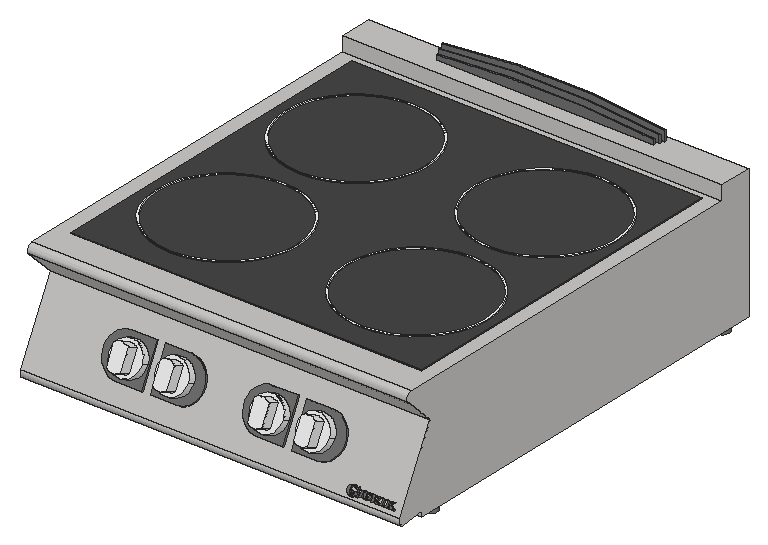
Revit family "QF_GIORIK_CV940T", category Specialty Equipment, Revit 2014
Parameters (values of type "CV940T")
  Weight in Pounds = 165.3465
  Watts = 12000 W
  Volts = 400 V
  URL Cutsheet = "www.giorik.com"
  URL = "www.giorik.com"
  Status [instance] = ""
  Specification by User [instance] = ""
  Specification by Manufacturer = ""
  Show Logo [instance] = yes
  Show Clearance [instance] = yes
  Serial Number = ""
  Seismic Rating = ""
  SMACNA No = ""
  Revision Code [instance] = ""
  Phase = 3
  Number of Poles [instance] = 3
  NAFEM Spec ID Number = ""
  Model = "CV940T"
  Min Ckt Ampacity = 0 A
  Max Overcurrent Protection = 0 A
  Masterspec = ""
  Manufacturer = "GIORIK"
  Item Number [instance] = ""
  Installed By [instance] = ""
  Identify Quantity as Lot [instance] = no
  HP = "16.092240000000"
  Furnished By [instance] = ""
  Foodservice Equipment Identifier [instance] = yes
  FL Amps = 0 A
  Electrical Remarks [instance] = ""
  Electric Connection Type [instance] = ""
  Elec Conn RI Height [instance] = 0 mm
  Elec Conn Connection Height [instance] = 20 mm
  Description = "CERAMIC GLASS HOB - COUNTERTOP VERSION"
  Cycle = 50 Hz
  Conn Plug = ""
  CSI MasterFormat = ""
  Assembly Code = "E1090320"
  Apparent Power = 12000 VA
Reference planes
  plane 1 "Back": y = 0
  plane 2: z = 0
  plane 3 "Left": x = 0
  plane 4 "Right": x = 800
  plane 5 "Front": y = -920
  plane 6 "Top": z = 300
Forms (mm)
  Extrusion 1, solid, visible <- "Show Logo"
    sketch origin (591.604, -936.624, 9.486) x (-1, 0, 0) y (0, 0.452718, 0.891654)
      loop
        line (-118.824, 58.358) -> (-127.804, 58.358) -> (-125.523, 56.445) -> (-125.523, 48.027) -> (-127.804, 46.113) -> (-118.824, 46.113) -> (-121.105, 48.027) -> (-121.105, 56.445) -> (-118.824, 58.358)
      loop
        line (-163.721, 58.358) -> (-172.7, 58.358) -> (-170.42, 56.445) -> (-170.42, 48.027) -> (-172.7, 46.113) -> (-163.721, 46.113) -> (-166.001, 48.027) -> (-166.001, 56.445) -> (-163.721, 58.358)
      loop
        line (-174.332, 58.358) -> (-183.312, 58.358) -> (-181.031, 56.445) -> (-181.031, 52.435) -> (-186.419, 56.955) -> (-184.416, 58.358) -> (-191.268, 58.358) -> (-188.01, 56.839) -> (-185.455, 54.283) -> (-190.846, 47.858) -> (-193.396, 46.93) -> (-193.396, 46.113) -> (-184.416, 46.113) -> (-185.437, 47.571) -> (-182.443, 51.552) -> (-181.031, 50.894) -> (-181.031, 48.027) -> (-183.312, 46.113) -> (-174.332, 46.113) -> (-176.613, 48.027) -> (-176.613, 56.445) -> (-174.332, 58.358)
      loop
        line (-115.429, 62.063) -> (-115.429, 54.198)
        arc (-115.429, 54.198) -> (-111.618, 57.803) -> (-106.847, 59.986) r 16.039
        arc (-106.847, 59.986) -> (-103.314, 59.837) -> (-100.512, 57.68) r 5.851
        arc (-100.512, 57.68) -> (-98.815, 52.267) -> (-100.512, 46.853) r 9.479
        arc (-100.512, 46.853) -> (-102.406, 44.986) -> (-104.846, 43.93) r 7.236
        arc (-104.846, 43.93) -> (-107.728, 44.111) -> (-110.052, 45.825) r 5.11
        line (-110.052, 45.825) -> (-110.052, 52.001) -> (-116.141, 52.001) -> (-116.141, 45.503) -> (-117.893, 43.751) -> (-114.094, 44.769)
        arc (-114.094, 44.769) -> (-112.56, 44.947) -> (-111.129, 44.366) r 3.115
        arc (-111.129, 44.366) -> (-104.216, 42.091) -> (-97.303, 44.366) r 11.641
        arc (-97.303, 44.366) -> (-93.396, 52.107) -> (-97.303, 59.849) r 9.622
        arc (-97.303, 59.849) -> (-104.369, 62.174) -> (-111.435, 59.849) r 11.898
        line (-111.435, 59.849) -> (-115.429, 62.063)
      loop
        arc (-129.234, 56.068) -> (-135.893, 58.628) -> (-142.552, 56.068) r 9.941
        arc (-142.552, 56.068) -> (-144.234, 52.286) -> (-142.552, 48.505) r 5.093
        arc (-142.552, 48.505) -> (-135.893, 45.945) -> (-129.234, 48.505) r 9.941
        arc (-129.234, 48.505) -> (-127.552, 52.286) -> (-129.234, 56.068) r 5.093
      loop
        arc (-132.628, 54.403) -> (-135.893, 57.668) -> (-139.158, 54.403) r 3.265
        line (-139.158, 54.403) -> (-139.158, 50.169)
        arc (-139.158, 50.169) -> (-135.893, 46.904) -> (-132.628, 50.169) r 3.265
        line (-132.628, 50.169) -> (-132.628, 54.403)
      loop
        arc (-156.363, 58.365) -> (-159.647, 55.081) -> (-156.363, 51.796) r 3.285
        line (-156.363, 51.796) -> (-159.529, 47.306) -> (-162.087, 46.113) -> (-155.847, 46.113) -> (-153.529, 51.083) -> (-150.637, 51.083) -> (-150.637, 47.784) -> (-153.022, 46.113) -> (-144.011, 46.113) -> (-146.094, 47.68) -> (-146.094, 56.493) -> (-144.229, 58.365) -> (-156.363, 58.365)
      loop
        line (-150.637, 57.512) -> (-153.637, 57.512)
        arc (-153.637, 57.512) -> (-156.237, 54.912) -> (-153.637, 52.312) r 2.6
        line (-153.637, 52.312) -> (-150.637, 52.312) -> (-150.637, 57.512)
      loop
        line (-108.924, 52.001) -> (-104.936, 49.005) -> (-100.948, 52.001) -> (-108.924, 52.001)
    from 1.5 to -0.5
  Extrusion 2, solid
    sketch origin (-4, 0.138, 5) x (1, 0, 0) y (0, 1, 0)
      loop
        circle (54, -385) r 12.5
    from 0 to 15
  Extrusion 3, solid
    sketch origin (0, 800.138, -620) x (0, 1, 0) y (0, 0, 1)
      loop
        line (-800.138, 919.988) -> (-870.138, 919.988) -> (-870.138, 889.988) -> (-1688.806, 889.988)
        arc (-1688.806, 889.988) -> (-1699.151, 883.075) -> (-1696.724, 870.873) r 11.197
        line (-1696.724, 870.873) -> (-1640.876, 815.025) -> (-1718.948, 661.258)
        arc (-1718.948, 661.258) -> (-1718.233, 650.105) -> (-1708.118, 645.354) r 10.981
        line (-1708.118, 645.354) -> (-1660, 649.925) -> (-1660, 640) -> (-800.138, 640) -> (-800.138, 919.988)
    from 0 to 800
  Extrusion 4, solid
    sketch origin (-220.755, -1163.208, -547.637) x (1, 0, 0) y (0, 0.452718, 0.891654)
      loop
        line (463.221, 676.25) -> (463.221, 766.25) -> (409.698, 766.25)
        arc (409.698, 766.25) -> (364.698, 721.25) -> (409.698, 676.25) r 45
        line (409.698, 676.25) -> (463.221, 676.25)
    from 48 to 50
  Extrusion 5, solid
    sketch origin (553.797, -1208.559, -525.041) x (-1, 0, 0) y (0, -0.45351, -0.891251)
      loop
        circle (351.331, -721.346) r 35
    from 0 to 15
  Extrusion 6, solid
    sketch origin (553.797, -1208.559, -525.041) x (-1, 0, 0) y (0, -0.45351, -0.891251)
      loop
        arc (336.331, -743.846) -> (351.331, -748.846) -> (366.331, -743.846) r 25
        line (366.331, -743.846) -> (366.331, -698.846)
        arc (366.331, -698.846) -> (351.331, -693.846) -> (336.331, -698.846) r 25
        line (336.331, -698.846) -> (336.331, -743.846)
    from 15 to 40
  Extrusion 7, solid
    sketch origin (723.221, -1163.208, -547.637) x (-1, 0, 0) y (0, -0.452718, -0.891654)
      loop
        line (463.221, -676.25) -> (409.698, -676.25)
        arc (409.698, -676.25) -> (364.698, -721.25) -> (409.698, -766.25) r 45
        line (409.698, -766.25) -> (463.221, -766.25) -> (463.221, -676.25)
    from 48 to 50
  Extrusion 8, solid
    sketch origin (-51.331, -1208.559, -525.041) x (1, 0, 0) y (0, 0.45351, 0.891251)
      loop
        circle (351.331, 721.346) r 35
    from 0 to 15
  Extrusion 9, solid
    sketch origin (-51.331, -1208.559, -525.041) x (1, 0, 0) y (0, 0.45351, 0.891251)
      loop
        line (336.331, 743.846) -> (336.331, 698.846)
        arc (336.331, 698.846) -> (351.331, 693.846) -> (366.331, 698.846) r 25
        line (366.331, 698.846) -> (366.331, 743.846)
        arc (366.331, 743.846) -> (351.331, 748.846) -> (336.331, 743.846) r 25
    from 15 to 40
  Extrusion 10, solid
    sketch origin (76.779, -1163.208, -547.637) x (1, 0, 0) y (0, 0.452718, 0.891654)
      loop
        line (463.221, 676.25) -> (463.221, 766.25) -> (409.698, 766.25)
        arc (409.698, 766.25) -> (364.698, 721.25) -> (409.698, 676.25) r 45
        line (409.698, 676.25) -> (463.221, 676.25)
    from 48 to 50
  Extrusion 11, solid
    sketch origin (851.331, -1208.559, -525.041) x (-1, 0, 0) y (0, -0.45351, -0.891251)
      loop
        circle (351.331, -721.346) r 35
    from 0 to 15
  Extrusion 12, solid
    sketch origin (851.331, -1208.559, -525.041) x (-1, 0, 0) y (0, -0.45351, -0.891251)
      loop
        arc (336.331, -743.846) -> (351.331, -748.846) -> (366.331, -743.846) r 25
        line (366.331, -743.846) -> (366.331, -698.846)
        arc (366.331, -698.846) -> (351.331, -693.846) -> (336.331, -698.846) r 25
        line (336.331, -698.846) -> (336.331, -743.846)
    from 15 to 40
  Extrusion 13, solid
    sketch origin (1020.755, -1163.208, -547.637) x (-1, 0, 0) y (0, -0.452718, -0.891654)
      loop
        line (463.221, -676.25) -> (409.698, -676.25)
        arc (409.698, -676.25) -> (364.698, -721.25) -> (409.698, -766.25) r 45
        line (409.698, -766.25) -> (463.221, -766.25) -> (463.221, -676.25)
    from 48 to 50
  Extrusion 14, solid
    sketch origin (246.203, -1208.559, -525.041) x (1, 0, 0) y (0, 0.45351, 0.891251)
      loop
        circle (351.331, 721.346) r 35
    from 0 to 15
  Extrusion 15, solid
    sketch origin (246.203, -1208.559, -525.041) x (1, 0, 0) y (0, 0.45351, 0.891251)
      loop
        line (336.331, 743.846) -> (336.331, 698.846)
        arc (336.331, 698.846) -> (351.331, 693.846) -> (366.331, 698.846) r 25
        line (366.331, 698.846) -> (366.331, 743.846)
        arc (366.331, 743.846) -> (351.331, 748.846) -> (336.331, 743.846) r 25
    from 15 to 40
  Extrusion 16, solid
    sketch origin (36.031, 0.038, -610.002) x (1, 0, 0) y (0, 0, 1)
      loop
        line (135, 909.989) -> (592.969, 909.989) -> (592.969, 919.989) -> (440.969, 929.989) -> (287, 929.989) -> (135, 919.989) -> (135, 909.989)
    from 32 to 35
  Extrusion 17, solid
    sketch origin (38, 10.038, -610.002) x (1, 0, 0) y (0, 0, 1)
      loop
        line (594, 909.989) -> (594, 924.989) -> (440, 937.489) -> (284, 937.489) -> (130, 925.001) -> (130, 909.989) -> (594, 909.989)
    from 32 to 35
  Extrusion 18, solid
    sketch origin (40, 20.038, -610.002) x (1, 0, 0) y (0, 0, 1)
      loop
        line (595, 909.989) -> (595, 930.001) -> (439, 945.258) -> (281, 945.258) -> (125, 929.989) -> (125, 909.989) -> (595, 909.989)
    from 32 to 35
  Extrusion 19, solid
    sketch origin (0.216, -199.623, 221) x (0, 1, 0) y (-1, 0, 0)
      loop
        line (-625, -30) -> (-625, -769.568) -> (115, -769.568) -> (115, -30) -> (-625, -30)
    from 48 to 50
  Extrusion 20, solid
    sketch origin (0.216, -199.623, 221) x (0, 1, 0) y (-1, 0, 0)
      loop
        line (-625, -30) -> (-625, -769.568) -> (115, -769.568) -> (115, -30) -> (-625, -30)
    from 48 to 50
  Extrusion 21, solid
    sketch origin (10.216, -516.123, 248.488) x (0, -1, 0) y (1, 0, 0)
      loop
        circle (-231.5, 189.999) r 150
      loop
        circle (-231.5, 189.999) r 146.5
    from 23 to 20.512
  Extrusion 22, solid
    sketch origin (10.216, -856.123, 248.488) x (0, -1, 0) y (1, 0, 0)
      loop
        circle (-231.5, 189.999) r 150
      loop
        circle (-231.5, 189.999) r 146.5
    from 23 to 20.512
  Extrusion 23, solid
    sketch origin (409.816, -516.123, 248.488) x (0, -1, 0) y (1, 0, 0)
      loop
        circle (-231.5, 189.999) r 150
      loop
        circle (-231.5, 189.999) r 146.5
    from 23 to 20.512
  Extrusion 24, solid
    sketch origin (409.816, -856.123, 248.488) x (0, -1, 0) y (1, 0, 0)
      loop
        circle (-231.5, 189.999) r 150
      loop
        circle (-231.5, 189.999) r 146.5
    from 23 to 20.512
  Extrusion 25, solid
    sketch origin (543.603, 45.319, -30) x (0, 1, 0) y (-1, 0, 0)
      loop
        circle (-79.293, 516.603) r 5
    from 41.965 to 50
  Revolve 26, solid
    sketch origin (27, 49.969, -600) x (0, 1, 0) y (0, 0, 1)
      loop
        line (-83.943, 611.965) -> (-94.752, 611.965) -> (-97.943, 600) -> (-83.943, 600) -> (-83.943, 611.965)
      axis (-83.943, 611.965) -> (-83.943, 600)
    angle from 0 to 360
  Extrusion 27, solid
    sketch origin (256.397, 45.319, -30) x (0, 1, 0) y (-1, 0, 0)
      loop
        circle (-79.293, -516.603) r 5
    from 41.965 to 50
  Revolve 28, solid
    sketch origin (773, 49.969, -600) x (0, 1, 0) y (0, 0, -1)
      loop
        line (-83.943, -611.965) -> (-83.943, -600) -> (-97.943, -600) -> (-94.752, -611.965) -> (-83.943, -611.965)
      axis (-83.943, -611.965) -> (-83.943, -600)
    angle from 0 to 360
  Extrusion 29, solid
    sketch origin (543.603, -724.548, -30) x (0, 1, 0) y (-1, 0, 0)
      loop
        circle (-79.293, 516.603) r 5
    from 41.965 to 50
  Revolve 30, solid
    sketch origin (27, -719.899, -600) x (0, 1, 0) y (0, 0, 1)
      loop
        line (-83.943, 611.965) -> (-94.752, 611.965) -> (-97.943, 600) -> (-83.943, 600) -> (-83.943, 611.965)
      axis (-83.943, 611.965) -> (-83.943, 600)
    angle from 0 to 360
  Extrusion 31, solid
    sketch origin (256.397, -724.548, -30) x (0, 1, 0) y (-1, 0, 0)
      loop
        circle (-79.293, -516.603) r 5
    from 41.965 to 50
  Revolve 32, solid
    sketch origin (773, -719.899, -600) x (0, 1, 0) y (0, 0, -1)
      loop
        line (-83.943, -611.965) -> (-83.943, -600) -> (-97.943, -600) -> (-94.752, -611.965) -> (-83.943, -611.965)
      axis (-83.943, -611.965) -> (-83.943, -600)
    angle from 0 to 360
Lines and regions (mm)
  symbolic lines, style "200-EquipBorder-2D"
    curve 1: line (0, -919.862, 0) -> (800, -919.862, 0)
    curve 2: line (800, -919.862, 0) -> (800, 0, 0)
    curve 3: line (800, 0, 0) -> (0, 0, 0)
    curve 4: line (0, 0, 0) -> (0, -919.862, 0)
  symbolic lines, style "200-EquipInternal-2D"
    curve 5: line (0, -70, 300) -> (800, -70, 300)
    curve 6: line (165, -11.962, 900) -> (635, -11.962, 900)
    curve 7: line (635, -11.962, 900) -> (635, -14.962, 900)
    curve 8: line (635, -14.962, 900) -> (165, -14.962, 900)
    curve 9: line (165, -14.962, 900) -> (165, -11.962, 900)
    curve 10: line (168, -21.962, 900) -> (632, -21.962, 900)
    curve 11: line (632, -21.962, 900) -> (632, -24.962, 900)
    curve 12: line (632, -24.962, 900) -> (168, -24.962, 900)
    curve 13: line (168, -24.962, 900) -> (168, -21.962, 900)
    curve 14: line (171.031, -31.962, 900) -> (629, -31.962, 900)
    curve 15: line (629, -31.962, 900) -> (629, -34.962, 900)
    curve 16: line (629, -34.962, 900) -> (171.031, -34.962, 900)
    curve 17: line (171.031, -34.962, 900) -> (171.031, -31.962, 900)
    curve 18: circle (200.215, -284.623, 900) r 150 normal (0, 0, 1)
    curve 19: circle (200.215, -284.623, 900) r 146.5 normal (0, 0, 1)
    curve 20: circle (200.215, -624.623, 900) r 150 normal (0, 0, 1)
    curve 21: circle (200.215, -624.623, 900) r 146.5 normal (0, 0, 1)
    curve 22: line (30.216, -84.623, 900) -> (769.784, -84.623, 900)
    curve 23: line (30.216, -824.623, 900) -> (30.216, -84.623, 900)
    curve 24: line (769.784, -824.623, 900) -> (30.216, -824.623, 900)
    curve 25: line (769.784, -84.623, 900) -> (769.784, -824.623, 900)
    curve 26: circle (599.815, -284.623, 900) r 150 normal (0, 0, 1)
    curve 27: circle (599.815, -284.623, 900) r 146.5 normal (0, 0, 1)
    curve 28: circle (599.815, -624.623, 900) r 150 normal (0, 0, 1)
    curve 29: circle (599.815, -624.623, 900) r 146.5 normal (0, 0, 1)
Dimensions and locks
  plane 3 "Left" to plane 4 "Right" = 800 mm
  plane 5 "Front" to plane 1 "Back" = 920 mm
  plane 4 "Right" to plane 3 "Left" = 800 mm
  plane 1 "Back" to plane 5 "Front" = 920 mm
  plane 6 "Top" to level = 300 mm  (x2)
  aligned and locked: level to plane 2
Connectors
  electrical at (50, -384.862, 5), driven by "Apparent Power", driven by "Volts", driven by "Number of Poles"
    settings: on Extrusion 2, index 1, voltage 400 V, apparent load 0 VA, apparent load phase1 12000 VA, apparent load phase2 0 VA, apparent load phase3 0 VA, power factor 1, load classification "Other", number of poles 3, system type 31, power factor state 1, is connector primary yes, connector utility no, sub classification motor no, connector description "Electrical connection"
